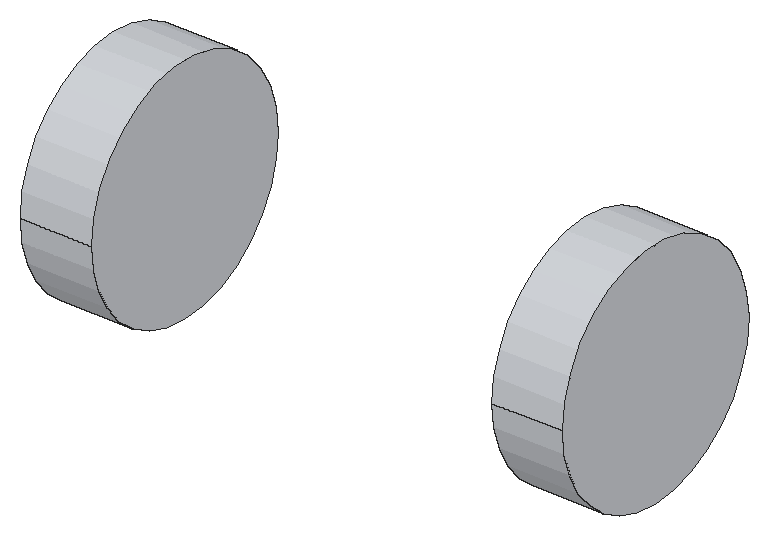
Revit family "ACM 150 T", category Mechanical Equipment, Revit 2013
Parameters (values of type "150T")
  Width = "200mm"
  Weight = "2.6kg"
  Warranty period = "Unit 2 Years"
  Spigot Diameter = "147mm"
  Spigot Depth = "n/a"
  Product Description = "150T"
  Part Number = "17106020"
  Operational and Maintenance Manual = "http://www.vent-axia.com/files/pdf-downloads/439305.pdf"
  Operating Temperature = "(-5C to +40C)"
  Operating Humidity = "n/a"
  Motor Rating = "48 Watts (max)"
  Manufacturer - Website = "www.vent-axia.com"
  Manufacturer - Name = "Vent-Axia Ltd"
  Manufacturer - Email = "sales@vent-axia.com"
  Manufacturer - Contact Phone = "0844 856 0590"
  Manufacturer - Address = "Fleming Way, Crawley, West Sussex RH10 9YX"
  IP Rating = "IP44"
  Height = "256mm\r\n220mm"
  Grille Depth = "n/a"
  Depth = "350mm"
  Country of Manufacture = "UK"
  Category = "ACM"
  AC Voltage Input = "220-240 V AC (single phase)"
  AC Frequency Input = "50Hz nominal"
Reference planes
  plane 1 "Center (Front/Back)": y = 0
  plane 2: z = 0
  plane 3 "Center (Left/Right)": x = 0
  plane 4: y = -60.875
  plane 5: x = 175
  plane 6: x = -175
  plane 7: y = 100
  plane 8: y = -100
  plane 9: z = 138
  plane 10: z = -118
  plane 11: z = 75.25
  plane 12: z = -74.75
Forms (mm)
  Extrusion 1, solid
    sketch origin (0, 0, 0.625) x (0, 1, 0) y (0, 0, 1)
      loop
        circle (0, 0) r 75
    from 129.717 to 175
  Extrusion 2, solid
    sketch origin (-303.75, 0, 0.625) x (0, 1, 0) y (0, 0, 1)
      loop
        circle (0, 0) r 75
    from 128.75 to 175
  Extrusion 3, solid, detail levels coarse+medium
    sketch origin (0, 0, 0) x (1, 0, 0) y (0, 1, 0)
      loop
        line (-187.453, 109.369) -> (-187.453, -115.631) -> (182.547, -115.631) -> (182.547, 109.369) -> (-187.453, 109.369)
    from -129.153 to 150.739
Dimensions and locks
  plane 9 to plane 10 = 256 mm  (x2)
  plane 11 to plane 12 = 150 mm
  plane 5 to plane 6 = 350 mm
  plane 7 to plane 8 = 200 mm
Connectors
  hvac at (175, 0, 0.625)
    settings: on Extrusion 1, index 1, duct flow 0.0 L/s, flow factor 0, pres drop 0.0 Pa, loss coef 0, conn angle 0.00°, conn width 304.8 mm, conn height 304.8 mm, conn radius 75 mm, duct sys type 2, conn prof type 0, flow config 0, flow direction 2, loss method 0, conn ref index -1, conn util no, is conn primary yes, conn desc ""
  hvac at (-175, 0, 0.625)
    settings: on Extrusion 2, index 2, duct flow 0.0 L/s, flow factor 0, pres drop 0.0 Pa, loss coef 0, conn angle 0.00°, conn width 304.8 mm, conn height 304.8 mm, conn radius 75 mm, duct sys type 2, conn prof type 0, flow config 0, flow direction 2, loss method 0, conn ref index -1, conn util no, is conn primary no, conn desc ""
